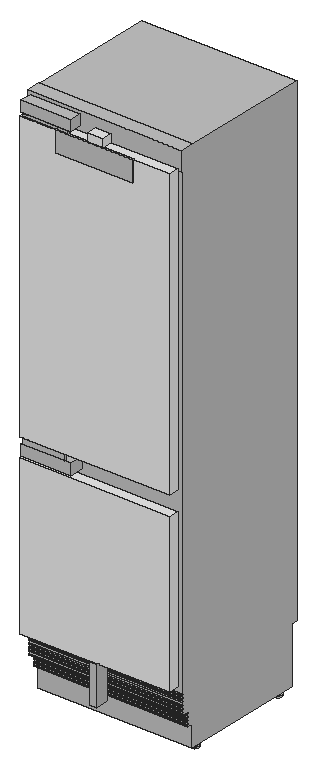
Revit family "FP-Revit18-RS6121WLUK1-FridgeFreezer-0-AS-AU-CN-EU-IE-NZ-SG-UK-90001107A", category Specialty Equipment, Revit 2020
Family settings
  Round Connector Dimension = Use Diameter
  Part Type = Normal
  OmniClass Number = 23.40.40.11.11
  OmniClass Title = Refrigerators and Freezers
  Work Plane-Based = No
  Always vertical = Yes
  Cut with Voids When Loaded = Yes
  Shared = No
  Room Calculation Point = No
Parameters (values of type "RS6121WLUE1")
  Visibility - Visibility Control Note = yes
  Visibility - Clearance Required = yes
  URL = "www.fisherpaykel.com"
  Stainless Steel Door Panels (RD6121WLD) = no
  Product - Width = 603 mm  # constant formula
  Product - Height = 2134 mm  # constant formula
  Product - Depth (exl front panel) = 610 mm  # constant formula
  Model = "RS6121WLUE1"
  Material - Handle = Fisher & Paykel - Aluminium, Dark
  Material - Door Structure = Fisher & Paykel - White
  Material - Door Front = Fisher & Paykel - Stainless Steel
  Material - Body = Fisher & Paykel - Grey
  Manufacturer = "Fisher & Paykel Appliances"
  Handle Style - Contemporary Square Fine Black (AHD5RD6121WB) = no
  Handle Style - Contemporary Square Fine (AHD5RD6121W) = no
  Handle Style - Contemporary Square (AHD3RD6121W) = no
  Handle Style - Contemporary Round (AHSRD6121W) = no
  Description = "61cm Integrated Column Refrigerator/Freezer with Ice & Water"
  Default Elevation = 0 mm
  Connector Description - Water = "1/2 BSP Stainless steel braided hose"
  Connector Description - Electrical = "230 V, 10 amp fused electrical supply"
  Cavity - Width = 610 mm  # constant formula
  Cavity - Height = 2134 mm  # constant formula
  Cavity - Depth = 650 mm  # constant formula
Reference planes
  plane 1 "Datum": y = 0
  plane 2: z = 0
  plane 3 "Center (Left/Right)": x = 0
  plane 4 "Product LHS": x = -301.5
  plane 5 "Product RHS": x = 301.5
  plane 6 "Product - Depth": y = 610
  plane 7: x = -305
  plane 8: x = 305
  plane 9 "Cavity - Depth": y = 627.9
  plane 10 "Handle Offset": x = 238.5
  plane 11 "Product Height": z = 2134
  plane 12 "Cavity Height": z = 2134
  plane 13 "Door Panel Datum": y = -4.1
Forms (mm)
  Extrusion 1, solid, material "Fisher & Paykel - Grey" <- "Material - Body", detail levels fine
    sketch origin (0, 0, 0) x (0, 1, 0) y (0, 0, 1)
      loop
        line (100.1, 19.1) -> (587.9, 19.1) -> (587.9, 239.7) -> (610, 239.7) -> (610, 2132.3) -> (105.1, 2132.3) -> (105.1, 2134) -> (49.9, 2134) -> (49.9, 2059) -> (56, 2059) -> (56, 228.6) -> (59.5, 228.6) -> (59.5, 219.7) -> (56.5, 219.7) -> (56.5, 215.9) -> (59.5, 215.9) -> (59.5, 207) -> (56.5, 207) -> (56.5, 203.2) -> (59.5, 203.2) -> (59.5, 194.3) -> (56.5, 194.3) -> (56.5, 190.5) -> (59.5, 190.5) -> (59.5, 181.6) -> (56.5, 181.6) -> (56.5, 177.8) -> (59.5, 177.8) -> (59.5, 168.9) -> (56.5, 168.9) -> (56.5, 165.1) -> (59.5, 165.1) -> (59.5, 156.2) -> (56.5, 156.2) -> (56.5, 152.4) -> (84.1, 152.4) -> (84.1, 143.5) -> (81.1, 143.5) -> (81.1, 139.7) -> (84.1, 139.7) -> (84.1, 130.8) -> (81.1, 130.8) -> (81.1, 127) -> (84.1, 127) -> (84.1, 118.1) -> (81.1, 118.1) -> (81.1, 114.3) -> (84.1, 114.3) -> (84.1, 105.4) -> (81.1, 105.4) -> (81.1, 101.6) -> (100.1, 101.6) -> (100.1, 19.1)
    from -301.5 to 301.5
  Extrusion 2, solid, material "Fisher & Paykel - Grey" <- "Material - Body"
    sketch origin (0, 0, 0) x (1, 0, 0) y (0, 1, 0)
      loop
        circle (-281, 547.8) r 4.1
      loop
        circle (-281, 141.8) r 4.1
      loop
        circle (281, 547.8) r 4.1
      loop
        circle (281, 141.8) r 4.1
    from 3 to 19.1
  Extrusion 3, solid, material "Fisher & Paykel - Grey" <- "Material - Body"
    sketch origin (0, 0, 0) x (1, 0, 0) y (0, 1, 0)
      loop
        circle (-281, 547.8) r 14.5
      loop
        circle (-281, 141.8) r 14.555
      loop
        circle (281, 547.8) r 14.5
      loop
        circle (281, 141.8) r 14.555
    from 0 to 3
  Extrusion 4, solid, material "Fisher & Paykel - Grey" <- "Material - Body", detail levels fine
    sketch origin (0, 0, 0) x (1, 0, 0) y (0, 1, 0)
      loop
        line (-7.5, 49) -> (-13.797, -4.1) -> (13.797, -4.1) -> (7.5, 49) -> (-7.5, 49)
    from 104.2 to 253.8
  Extrusion 5, solid, material "Fisher & Paykel - Grey" <- "Material - Body", detail levels fine
    sketch origin (0, 0, 0) x (0, 1, 0) y (0, 0, 1)
      loop
        line (0, 2070.6) -> (0, 1988.6) -> (2, 1988.6) -> (2, 2068.6) -> (4, 2068.6) -> (4, 2070.6) -> (0, 2070.6)
    from -150 to 150
  Extrusion 6, solid, material "Fisher & Paykel - Grey" <- "Material - Body"
    sketch origin (0, 0, 0) x (1, 0, 0) y (0, 0, 1)
      loop
        circle (226.5, 119.813) r 5
      loop
        circle (-226.5, 119.813) r 5
    from -590 to -587.9
  Extrusion 7, solid, material "Fisher & Paykel - White" <- "Material - Door Structure"
    sketch origin (0, 0, 0) x (1, 0, 0) y (0, 1, 0)
      loop
        line (-276.5, 56) -> (-276.5, 42) -> (276.5, 42) -> (276.5, 56) -> (-276.5, 56)
    from 951.3 to 2030.7
  Extrusion 8, solid, material "Fisher & Paykel - White" <- "Material - Door Structure"
    sketch origin (0, 0, 0) x (1, 0, 0) y (0, 1, 0)
      loop
        line (-292.9, 42) -> (-292.9, 3) -> (292.9, 3) -> (292.9, 42) -> (-292.9, 42)
    from 943.8 to 2068.6
  Extrusion 9, solid, material "Fisher & Paykel - White" <- "Material - Door Structure", detail levels fine
    sketch origin (0, 0, 0) x (1, 0, 0) y (0, 0, 1)
      loop
        line (-29.5, 2100.1) -> (-29.5, 2068.6) -> (29.5, 2068.6) -> (29.5, 2100.1) -> (-29.5, 2100.1)
    from -42 to -3
  Extrusion 10, solid, material "Fisher & Paykel - Stainless Steel" <- "Material - Door Front", visible <- "Stainless Steel Door Panels (RD6121WLD)"
    sketch origin (0, 0, 0) x (0, 1, 0) y (0, 0, 1)
      loop
        line (-22.1, 2130.8) -> (-22.1, 876.3) -> (-4.1, 876.3) -> (-4.1, 2130.8) -> (-22.1, 2130.8)
      loop
        line (-22.1, 102) -> (-4.1, 102) -> (-4.1, 873.1) -> (-22.1, 873.1) -> (-22.1, 102)
    from -301.5 to 301.5
  Extrusion 11, solid, material "Fisher & Paykel - Grey" <- "Material - Body", detail levels coarse+medium
    sketch origin (0, 0, 0) x (0, 1, 0) y (0, 0, 1)
      loop
        line (49.9, 2134) -> (49.9, 2059) -> (56, 2059) -> (56, 152.4) -> (81.1, 152.4) -> (81.1, 101.6) -> (100.1, 101.6) -> (100.1, 19.1) -> (587.9, 19.1) -> (587.9, 239.7) -> (610, 239.7) -> (610, 2134) -> (49.9, 2134)
    from -301.5 to 301.5
  Extrusion 12, solid, material "Fisher & Paykel - Grey" <- "Material - Body", detail levels fine
    sketch origin (0, 0, 0) x (-1, 0, 0) y (0, 0, -1)
      loop
        line (289.9, -877.25) -> (95.42, -877.25) -> (95.42, -919.35) -> (289.9, -919.35) -> (289.9, -877.25)
    from -56 to -2.5
  Extrusion 13, solid, material "Fisher & Paykel - Grey" <- "Material - Body", detail levels fine
    sketch origin (0, 0, 0) x (-1, 0, 0) y (0, 0, -1)
      loop
        line (289.9, -2123.15) -> (289.9, -2081.05) -> (95.42, -2081.05) -> (95.42, -2123.15) -> (289.9, -2123.15)
    from -49 to -2.5
  Extrusion 14, solid, material "Fisher & Paykel - Grey" <- "Material - Body", detail levels fine
    sketch origin (0, 0, -4) x (0, 1, 0) y (0, 0, 1)
      loop
        arc (163.888, 23.1) -> (180.4, 13.63) -> (196.912, 23.1) r 19.13
        line (196.912, 23.1) -> (163.888, 23.1)
      loop
        arc (493.888, 23.1) -> (510.4, 13.63) -> (526.912, 23.1) r 19.13
        line (526.912, 23.1) -> (493.888, 23.1)
    from 191 to 219
  Extrusion 15, solid, material "Fisher & Paykel - Grey" <- "Material - Body", detail levels fine
    sketch origin (0, 0, -4) x (0, 1, 0) y (0, 0, -1)
      loop
        line (163.888, -23.1) -> (196.912, -23.1)
        arc (196.912, -23.1) -> (180.4, -13.63) -> (163.888, -23.1) r 19.13
      loop
        line (493.888, -23.1) -> (526.912, -23.1)
        arc (526.912, -23.1) -> (510.4, -13.63) -> (493.888, -23.1) r 19.13
    from 191 to 219
  Extrusion 16, solid, material "Fisher & Paykel - Clearance Required", visible <- "Visibility - Clearance Required", detail levels coarse
    sketch origin (0, 0, 0) x (1, 0, 0) y (0, 1, 0)
      loop
        line (-305, 627.9) -> (-305, -4.1) -> (305, -4.1) -> (305, 627.9) -> (-305, 627.9)
    from 0 to 2134
  Extrusion 17, void
    sketch origin (0, 0, 0) x (1, 0, 0) y (0, 1, 0)
      loop
        line (-305, 627.9) -> (-305, -22.1) -> (305, -22.1) -> (305, 627.9) -> (-305, 627.9)
    from 0 to 2134
  Extrusion 18, solid, material "Fisher & Paykel - Grey" <- "Material - Body", detail levels fine
    sketch origin (0, 0, 0) x (-1, 0, 0) y (0, 0, -1)
      loop
        line (118.4, -943.8) -> (282.9, -943.8) -> (282.9, -919.35) -> (118.4, -919.35) -> (118.4, -943.8)
      loop
        line (106, -2081.05) -> (242.9, -2081.05) -> (282.9, -2076.05) -> (282.9, -2068.6) -> (106, -2068.6) -> (106, -2081.05)
    from -7 to -4
  Extrusion 19, solid, material "Fisher & Paykel - White" <- "Material - Door Structure"
    sketch origin (0, 0, 0) x (1, 0, 0) y (0, 1, 0)
      loop
        line (-292.9, 42) -> (-292.9, 3) -> (292.9, 3) -> (292.9, 42) -> (-292.9, 42)
    from 253.8 to 868.15
  Extrusion 20, solid, material "Fisher & Paykel - White" <- "Material - Door Structure"
    sketch origin (0, 0, 0) x (1, 0, 0) y (0, 1, 0)
      loop
        line (-276.5, 56) -> (-276.5, 42) -> (276.5, 42) -> (276.5, 56) -> (-276.5, 56)
    from 269.2 to 858.13
  Extrusion 21, solid, material "Fisher & Paykel - Clearance Required", visible <- "Visibility - Clearance Required", detail levels coarse
    sketch origin (0, 0, 0) x (0, 1, 0) y (0, 0, 1)
      loop
        line (-422.1, 873.1) -> (-422.1, 818.896) -> (-482.1, 818.896) -> (-482.1, 781.896) -> (-422.1, 781.896) -> (-422.1, 101.6) -> (-22.1, 101.6) -> (-22.1, 873.1) -> (-422.1, 873.1)
    from -305 to 305
  Extrusion 22, solid, material "Fisher & Paykel - Clearance Required", visible <- "Visibility - Clearance Required", detail levels coarse
    sketch origin (0, 0, 0) x (-1, 0, 0) y (0, -1, 0)
      loop
        arc (301.5, 22.1) -> (304.469, 57.05) -> (339.359, 60.653) r 27.5
        line (339.359, 60.653) -> (556.046, 526.865) -> (583.452, 514.085)
        arc (583.452, 514.085) -> (608.033, 523.032) -> (599.086, 547.613) r 18.497
        line (599.086, 547.613) -> (571.638, 560.412) -> (593.641, 607.752)
        arc (593.641, 607.752) -> (-14.693, 560.645) -> (-301.5, 22.1) r 633.927
        line (-301.5, 22.1) -> (301.5, 22.1)
    from 876.3 to 2134
Lines and regions (mm)
  model lines, style "Fisher & Paykel"
    curve 1: line (-301.5, -4.1, 2130.8) -> (301.5, -4.1, 2130.8)
    curve 2: line (-301.5, -4.1, 876.3) -> (-301.5, -4.1, 2130.8)
    curve 3: line (301.5, -4.1, 876.3) -> (-301.5, -4.1, 876.3)
    curve 4: line (301.5, -4.1, 2130.8) -> (301.5, -4.1, 876.3)
    curve 5: line (301.5, -4.1, 873.1) -> (-301.5, -4.1, 873.1)
    curve 6: line (301.5, -4.1, 102) -> (301.5, -4.1, 873.1)
    curve 7: line (-301.5, -4.1, 102) -> (301.5, -4.1, 102)
    curve 8: line (-301.5, -4.1, 873.1) -> (-301.5, -4.1, 102)
Text (mm)
  text "Due to ongoing product development, product details are subject to change without notice. \nPlease always refer to www.fisherpaykel.com for the most current product information. \n© Fisher & Paykel 2020" at (41.04, -678.295, 0), in view "Ref. Level (Plan)"
Dimensions and locks
  equal spacing: plane 4 "Product LHS", plane 3 "Center (Left/Right)", plane 5 "Product RHS"
  "Product - Width": plane 4 "Product LHS" to plane 5 "Product RHS"
  "Product - Depth (exl front panel)": plane 1 "Datum" to plane 6 "Product - Depth"
  equal spacing: plane 7, plane 3 "Center (Left/Right)", plane 8
  "Cavity - Width": plane 7 to plane 8
  plane 4 "Product LHS" to Extrusion 2 sketch curve = 24.6 mm
  Extrusion 6 sketch curve to Extrusion 1 = 119.887 mm  (x2)
  Extrusion 6 sketch curve to plane 5 "Product RHS" = 75 mm
  plane 4 "Product LHS" to Extrusion 6 sketch curve = 75 mm
  Extrusion 1 sketch curve to Extrusion 1 sketch curve = 82.5 mm
  Extrusion 1 sketch curve to Extrusion 1 sketch curve = 209.5 mm
  Extrusion 1 sketch curve to Extrusion 1 sketch curve = 220.6 mm
  Extrusion 3 to level = 3 mm
  Extrusion 11 to Extrusion 8 = 924.7 mm
  Extrusion 11 to Extrusion 7 = 932.2 mm
  Extrusion 11 to Extrusion 11 = 2114.9 mm
  Extrusion 11 to Extrusion 10 = 82.9 mm
  "Product - Height": level to plane 11 "Product Height"
  plane 11 "Product Height" to Extrusion 10 = 3.2 mm
  Extrusion 8 to plane 11 "Product Height" = 65.4 mm
  Extrusion 7 to plane 11 "Product Height" = 103.3 mm
  Extrusion 11 sketch curve to plane 11 "Product Height" = 75 mm
  Extrusion 1 sketch curve to plane 11 "Product Height" = 1.7 mm
  Extrusion 1 sketch curve to plane 11 "Product Height" = 75 mm
  "Cavity - Height": plane 12 "Cavity Height" to level
  plane 1 "Datum" to Extrusion 16 = 627.9 mm
  plane 1 "Datum" to Extrusion 17 = 627.9 mm
  Extrusion 18 sketch curve to Extrusion 18 sketch curve = 40 mm
  Extrusion 18 sketch curve to Extrusion 18 sketch curve = 176.9 mm
  plane 3 "Center (Left/Right)" to Extrusion 18 sketch curve = 106 mm
  plane 3 "Center (Left/Right)" to Extrusion 18 sketch curve = 118.4 mm
  Extrusion 17 to level = 2134 mm
  Extrusion 22 to plane 1 "Datum" = 22.1 mm
  "Cavity - Depth": plane 9 "Cavity - Depth" to Extrusion 22
  radius of Extrusion 6 sketch curve = 5 mm
  aligned and locked: level to plane 2
  aligned and locked: Extrusion 10 to plane 5 "Product RHS"
  aligned and locked: plane 4 "Product LHS" to Extrusion 10
  aligned and locked: Extrusion 11 to plane 5 "Product RHS"
  aligned and locked: Extrusion 11 to plane 4 "Product LHS"
  aligned and locked: Extrusion 11 sketch curve to plane 11 "Product Height"
  aligned and locked: plane 11 "Product Height" to Extrusion 1 sketch curve
  aligned and locked: Extrusion 14 sketch curve to Extrusion 14 sketch curve
  aligned and locked: Extrusion 15 sketch curve to Extrusion 15 sketch curve
  aligned and locked: Extrusion 1 to plane 5 "Product RHS"
  aligned and locked: plane 4 "Product LHS" to Extrusion 1
  aligned and locked: nested 2 to plane 10 "Handle Offset"
  aligned and locked: nested 3 to plane 10 "Handle Offset"
  aligned and locked: nested 4 to plane 10 "Handle Offset"
  aligned and locked: nested 5 to plane 10 "Handle Offset"
Automatic sketch dimensions
  Extrusion 1 sketch curve to plane 6 "Product - Depth" = 0 mm
  Extrusion 1 sketch curve to Extrusion 1 sketch curve = 22.1 mm
  Extrusion 1 sketch curve to plane 1 "Datum" = 105.1 mm
  level to Extrusion 1 sketch curve = 19.1 mm
  Extrusion 1 sketch curve to plane 1 "Datum" = 100.1 mm
  Extrusion 1 sketch curve to Extrusion 1 sketch curve = 16 mm
  Extrusion 1 sketch curve to Extrusion 1 sketch curve = 0 mm  (x8)
  Extrusion 1 sketch curve to Extrusion 1 sketch curve = 3 mm  (x10)
  Extrusion 1 sketch curve to plane 1 "Datum" = 59.5 mm
  Extrusion 1 sketch curve to plane 1 "Datum" = 56 mm
  Extrusion 1 sketch curve to plane 1 "Datum" = 49.9 mm
  Extrusion 1 sketch curve to Extrusion 1 sketch curve = 3.8 mm  (x10)
  Extrusion 1 sketch curve to Extrusion 1 sketch curve = 8.9 mm  (x9)
  Extrusion 2 sketch curve to plane 4 "Product LHS" = 20.5 mm  (x2)
  plane 5 "Product RHS" to Extrusion 2 sketch curve = 20.5 mm  (x2)
  Extrusion 2 sketch curve to plane 1 "Datum" = 141.8 mm  (x2)
  Extrusion 2 sketch curve to plane 6 "Product - Depth" = 62.2 mm  (x2)
  Extrusion 3 sketch curve to plane 4 "Product LHS" = 20.5 mm  (x2)
  plane 5 "Product RHS" to Extrusion 3 sketch curve = 20.5 mm  (x2)
  Extrusion 3 sketch curve to plane 1 "Datum" = 141.8 mm  (x2)
  Extrusion 3 sketch curve to plane 6 "Product - Depth" = 62.2 mm  (x2)
  plane 1 "Datum" to Extrusion 4 sketch curve = 4.1 mm
  Extrusion 4 sketch curve to plane 3 "Center (Left/Right)" = 13.797 mm
  Extrusion 4 sketch curve to plane 3 "Center (Left/Right)" = 7.5 mm
  plane 3 "Center (Left/Right)" to Extrusion 4 sketch curve = 7.5 mm
  plane 3 "Center (Left/Right)" to Extrusion 4 sketch curve = 13.797 mm
  Extrusion 4 sketch curve to plane 1 "Datum" = 49 mm
  Extrusion 5 sketch curve to plane 1 "Datum" = 0 mm
  Extrusion 5 sketch curve to plane 1 "Datum" = 2 mm
  Extrusion 5 sketch curve to Extrusion 5 sketch curve = 2 mm  (x2)
  plane 11 "Product Height" to Extrusion 5 sketch curve = 145.4 mm
  plane 11 "Product Height" to Extrusion 5 sketch curve = 65.4 mm
  Extrusion 7 sketch curve to plane 4 "Product LHS" = 25 mm
  plane 5 "Product RHS" to Extrusion 7 sketch curve = 25 mm
  Extrusion 7 sketch curve to plane 1 "Datum" = 42 mm
  Extrusion 7 sketch curve to Extrusion 7 sketch curve = 14 mm
  Extrusion 8 sketch curve to plane 1 "Datum" = 3 mm
  Extrusion 8 sketch curve to plane 4 "Product LHS" = 8.6 mm
  plane 5 "Product RHS" to Extrusion 8 sketch curve = 8.6 mm
  Extrusion 8 sketch curve to Extrusion 8 sketch curve = 39 mm
  Extrusion 9 sketch curve to plane 3 "Center (Left/Right)" = 29.5 mm
  plane 3 "Center (Left/Right)" to Extrusion 9 sketch curve = 29.5 mm
  plane 11 "Product Height" to Extrusion 9 sketch curve = 65.4 mm
  Extrusion 9 sketch curve to Extrusion 9 sketch curve = 31.5 mm
  Extrusion 11 sketch curve to plane 6 "Product - Depth" = 0 mm
  Extrusion 11 sketch curve to plane 6 "Product - Depth" = 22.1 mm
  Extrusion 11 sketch curve to plane 1 "Datum" = 100.1 mm
  Extrusion 11 sketch curve to Extrusion 11 sketch curve = 19 mm
  Extrusion 11 sketch curve to plane 1 "Datum" = 56 mm
  Extrusion 11 sketch curve to plane 1 "Datum" = 49.9 mm
  level to Extrusion 11 sketch curve = 239.7 mm
  level to Extrusion 11 sketch curve = 152.4 mm
  Extrusion 11 sketch curve to Extrusion 11 sketch curve = 50.8 mm
  level to Extrusion 11 sketch curve = 19.1 mm
  plane 3 "Center (Left/Right)" to Extrusion 12 sketch curve = 95.42 mm
  plane 4 "Product LHS" to Extrusion 12 sketch curve = 11.6 mm
  Extrusion 12 sketch curve to level = 877.25 mm
  Extrusion 12 sketch curve to Extrusion 12 sketch curve = 42.1 mm
  Extrusion 13 sketch curve to plane 11 "Product Height" = 10.85 mm
  plane 3 "Center (Left/Right)" to Extrusion 13 sketch curve = 95.42 mm
  plane 4 "Product LHS" to Extrusion 13 sketch curve = 11.6 mm
  Extrusion 13 sketch curve to Extrusion 13 sketch curve = 42.1 mm
  level to Extrusion 14 sketch curve = 19.1 mm
  Extrusion 14 sketch curve to plane 1 "Datum" = 163.888 mm
  Extrusion 14 sketch curve to Extrusion 14 sketch curve = 16.512 mm  (x2)
  Extrusion 14 sketch curve to plane 6 "Product - Depth" = 116.112 mm
  Extrusion 14 sketch curve to Extrusion 14 sketch curve = 9.66 mm  (x2)
  level to Extrusion 15 sketch curve = 19.1 mm
  Extrusion 15 sketch curve to plane 1 "Datum" = 163.888 mm
  Extrusion 15 sketch curve to Extrusion 15 sketch curve = 16.512 mm  (x2)
  Extrusion 15 sketch curve to plane 6 "Product - Depth" = 116.112 mm
  Extrusion 15 sketch curve to Extrusion 15 sketch curve = 9.66 mm  (x2)
  Extrusion 16 sketch curve to plane 7 = 0 mm
  Extrusion 16 sketch curve to plane 8 = 0 mm
  Extrusion 16 sketch curve to plane 9 "Cavity - Depth" = 0 mm
  plane 1 "Datum" to Extrusion 16 sketch curve = 4.1 mm
  Extrusion 17 sketch curve to plane 7 = 0 mm
  Extrusion 17 sketch curve to plane 8 = 0 mm
  Extrusion 17 sketch curve to plane 9 "Cavity - Depth" = 0 mm
  plane 1 "Datum" to Extrusion 17 sketch curve = 22.1 mm
  plane 4 "Product LHS" to Extrusion 18 sketch curve = 18.6 mm
  Extrusion 18 sketch curve to level = 919.35 mm
  Extrusion 18 sketch curve to Extrusion 18 sketch curve = 24.45 mm
  Extrusion 18 sketch curve to plane 11 "Product Height" = 65.4 mm
  Extrusion 18 sketch curve to Extrusion 18 sketch curve = 7.45 mm
  Extrusion 18 sketch curve to Extrusion 18 sketch curve = 5 mm
  Extrusion 19 sketch curve to plane 1 "Datum" = 3 mm
  Extrusion 19 sketch curve to plane 4 "Product LHS" = 8.6 mm
  plane 5 "Product RHS" to Extrusion 19 sketch curve = 8.6 mm
  Extrusion 19 sketch curve to Extrusion 19 sketch curve = 39 mm
  Extrusion 20 sketch curve to plane 4 "Product LHS" = 25 mm
  plane 5 "Product RHS" to Extrusion 20 sketch curve = 25 mm
  Extrusion 20 sketch curve to plane 1 "Datum" = 42 mm
  Extrusion 20 sketch curve to Extrusion 20 sketch curve = 14 mm
  plane 1 "Datum" to Extrusion 21 sketch curve = 482.1 mm
  Extrusion 21 sketch curve to Extrusion 21 sketch curve = 60 mm
  Extrusion 21 sketch curve to Extrusion 21 sketch curve = 0 mm
  plane 1 "Datum" to Extrusion 21 sketch curve = 22.1 mm
  level to Extrusion 21 sketch curve = 101.6 mm
  Extrusion 21 sketch curve to Extrusion 21 sketch curve = 680.296 mm
  Extrusion 21 sketch curve to Extrusion 21 sketch curve = 37 mm
  Extrusion 21 sketch curve to Extrusion 21 sketch curve = 54.204 mm
  Extrusion 22 sketch curve to plane 5 "Product RHS" = 0 mm
  Extrusion 22 sketch curve to plane 4 "Product LHS" = 0 mm
  Extrusion 22 sketch curve to plane 7 = 19.09 mm
  Extrusion 22 sketch curve to Extrusion 22 sketch curve = 8.286 mm
  Extrusion 22 sketch curve to Extrusion 22 sketch curve = 15.269 mm
  Extrusion 22 sketch curve to plane 7 = 251.046 mm
  Extrusion 22 sketch curve to Extrusion 22 sketch curve = 15.592 mm
  Extrusion 22 sketch curve to Extrusion 22 sketch curve = 27.406 mm
  Extrusion 22 sketch curve to Extrusion 22 sketch curve = 7.817 mm  (x2)
  Extrusion 22 sketch curve to Extrusion 22 sketch curve = 22.003 mm
  Extrusion 22 sketch curve to plane 1 "Datum" = 607.752 mm
  Extrusion 22 sketch curve to Extrusion 22 sketch curve = 47.34 mm
  Extrusion 22 sketch curve to Extrusion 22 sketch curve = 12.799 mm
  Extrusion 22 sketch curve to Extrusion 22 sketch curve = 16.764 mm
  Extrusion 22 sketch curve to Extrusion 22 sketch curve = 12.78 mm
  Extrusion 22 sketch curve to plane 1 "Datum" = 60.653 mm
  Extrusion 22 sketch curve to Extrusion 22 sketch curve = 22.871 mm
  plane 1 "Datum" to Extrusion 10 sketch curve = 22.1 mm
  plane 1 "Datum" to Extrusion 10 sketch curve = 4.1 mm
  level to Extrusion 10 sketch curve = 102 mm
  plane 11 "Product Height" to Extrusion 10 sketch curve = 3.2 mm
  Extrusion 10 sketch curve to Extrusion 10 sketch curve = 3.2 mm
  Extrusion 10 sketch curve to Extrusion 10 sketch curve = 771.1 mm
  Extrusion 10 sketch curve to Extrusion 10 sketch curve = 0 mm  (x2)
  plane 5 "Product RHS" to curve 5 = 0 mm
  plane 5 "Product RHS" to curve 1 = 0 mm
  plane 4 "Product LHS" to curve 5 = 0 mm
  plane 4 "Product LHS" to curve 2 = 0 mm
  level to curve 6 = 102 mm
  curve 6 to curve 6 = 771.1 mm
  curve 5 to curve 2 = 3.2 mm
  plane 11 "Product Height" to curve 2 = 3.2 mm
  radius of Extrusion 2 sketch curve = 4.1 mm  (x3)
  radius of Extrusion 3 sketch curve = 14.5 mm  (x2)
  radius of Extrusion 3 sketch curve = 14.555 mm  (x2)
  radius of Extrusion 6 sketch curve = 5 mm
Nested families
  nested 1: "Visibility Control Note 18" at (0, 0, 0), visible <- "Visibility - Visibility Control Note", type "Visibility Control Note 18"
  nested 2: "Handle Contemporary Round - Vertical" at (238.5, -22.1, 1322.58), visible <- "Handle Style - Contemporary Round (AHSRD6121W)", type "AHSRD6121W - Contemporary round handle (1 of 2) (Vertical) 727mm"
  nested 3: "Handle Contemporary Square - Vertical" at (238.5, -22.1, 1322.58), visible <- "Handle Style - Contemporary Square (AHD3RD6121W)", type "AHD3RD6121W - Contemporary square handle (1 of 2) (Vertical) 727mm"
  nested 4: "F&P Handle Kit - Contemporary Square Fine - Vertical" at (238.5, -22.1, 1322.58), visible <- "Handle Style - Contemporary Square Fine Black (AHD5RD6121WB)", type "AHD5RD6121WB - Contemporary square fine black handle (1 of 2) (Vertical) 727mm"
  nested 5: "F&P Handle Kit - Contemporary Square Fine - Vertical" at (238.5, -22.1, 1322.58), visible <- "Handle Style - Contemporary Square Fine (AHD5RD6121W)", type "AHD5RD6121W - Contemporary square fine handle (1 of 2) (Vertical) 727mm"
  nested 6: "Handle Contemporary Round - Horizontal" at (0, -22.1, 800.364), visible <- "Handle Style - Contemporary Round (AHSRD6121W)", type "AHSRD6121W - Contemporary round handle (2 of 2) (Horizontal) 494mm"
  nested 7: "Handle Contemporary Square - Horizontal" at (0, -22.1, 800.364), visible <- "Handle Style - Contemporary Square (AHD3RD6121W)", type "AHD3RD6121W - Contemporary square handle (2 of 2) (Horizontal) 494mm"
  nested 8: "F&P Handle Kit - Contemporary Square Fine - Horizontal" at (0, -22.1, 800.364), visible <- "Handle Style - Contemporary Square Fine Black (AHD5RD6121WB)", type "AHD5RD6121WB - Contemporary square fine handle black (2 of 2) (Horizontal) 494mm"
  nested 9: "F&P Handle Kit - Contemporary Square Fine - Horizontal" at (0, -22.1, 800.364), visible <- "Handle Style - Contemporary Square Fine (AHD5RD6121W)", type "AHD5RD6121W - Contemporary square fine handle (2 of 2) (Horizontal) 494mm"
Connectors
  electrical at (-226.5, 590, 119.813), driven by "Connector Description - Electrical"
    settings: on Extrusion 6, index 1, voltage 230 V, apparent load 0 VA, apparent load phase1 0 VA, apparent load phase2 0 VA, apparent load phase3 0 VA, power factor 1, load classification "Other", number of poles 1, system type 30, power factor state 1, is connector primary yes, connector utility no, sub classification motor no, connector description "230 V, 10 amp fused electrical supply"
  piping at (226.5, 590, 119.813), diameter 12.7, driven by "Connector Description - Water"
    settings: on Extrusion 6, index 2, connector inside diameter 609.6 mm, connector length 0 mm, flow factor 0, pipe flow 0.0 L/s, pressure drop 0.0 Pa, fitting loss kfactor 0, connector angle 0.00°, fixture units 0, engagement length 0 mm, angle of deflection 0.00°, flow configuration 0, flow direction 1, fitting loss method 0, system type 20, joint type 0, gender type 0, connector reference index -1, connector utility 1, adjustable connector no, is connector primary yes, connector description "1/2 BSP Stainless steel braided hose"
Definition of nested family "Handle Contemporary Round - Vertical"
  Parameters (values of type "AHSRD7621W - Contemporary round handle (1 of 2) (Vertical) 727mm")
    URL = "www.fisherpaykel.com"
    Material - Handle = none
    Manufacturer = "Fisher & Paykel Appliances"
    Handle - Length = 727 mm
    Default Elevation = 0 mm
  Types (8, lengths in mm): name | Handle - Length
    AHS-RD21 - Contemporary round handle (Vertical) 852mm | 852
    AHSRD2484W - Contemporary round handle (1 of 2) (Vertical) 727mm | 727
    AHSRD3084W - Contemporary round handle (1 of 2) (Vertical) 727mm | 727
    AHS-RD84 - Contemporary round handle (Vertical) 852mm | 852
    AHSRS3272A - Contemporary round handle (1 of 2) (Vertical) 727mm | 727
    AHSRS80A - Contemporary round handle (1 of 2) (Vertical) 727mm | 727
    AHSRD6121W - Contemporary round handle (1 of 2) (Vertical) 727mm | 727
    AHSRD7621W - Contemporary round handle (1 of 2) (Vertical) 727mm | 727
  Reference planes
    plane 1 "Center (Front/Back)": y = 0
    plane 2: z = 0
    plane 3 "Center (Left/Right)": x = 0
    plane 4 "Top": z = 363.5
    plane 5 "Bottom": z = -363.5
    plane 6 "Top Standoff": z = 243.5
    plane 7 "Bottom Standoff": z = -243.5
  Forms (mm)
    Extrusion 1, solid, material <- "Material - Handle"
      sketch origin (0, 0, 0) x (1, 0, 0) y (0, 1, 0)
        loop
          circle (0, -32.3) r 8.7
      from -243.5 to 243.5
    Extrusion 2, solid, material <- "Material - Handle", detail levels fine
      sketch origin (0, 0, 0) x (1, 0, 0) y (0, 1, 0)
        loop
          line (-8.7, 0) -> (-8.7, -32.3)
          arc (-8.7, -32.3) -> (0, -41) -> (8.7, -32.3) r 8.7
          line (8.7, -32.3) -> (8.7, 0) -> (-8.7, 0)
      from 243.5 to 363.5
    Extrusion 3, solid, material <- "Material - Handle", detail levels fine
      sketch origin (0, 0, 0) x (1, 0, 0) y (0, 1, 0)
        loop
          line (-8.7, 0) -> (-8.7, -32.3)
          arc (-8.7, -32.3) -> (0, -41) -> (8.7, -32.3) r 8.7
          line (8.7, -32.3) -> (8.7, 0) -> (-8.7, 0)
      from -363.5 to -243.5
    Sweep 4, void
      path in 3D
        loop
          line (8.7, 0, -363.5) -> (8.7, -32.3, -363.5)
          arc (8.7, -32.3, -363.5) -> (0, -41, -363.5) -> (-8.7, -32.3, -363.5) r 8.7
          line (-8.7, -32.3, -363.5) -> (-8.7, 0, -363.5)
      profile origin (8.7, -16.15, -363.5) x (-1, 0, 0) y (0, 0, -1)
        loop
          line (0, 0) -> (0, -1) -> (1, 0) -> (0, 0)
    Sweep 5, void
      path in 3D
        loop
          line (-8.7, 0, 363.5) -> (-8.7, -32.3, 363.5)
          arc (-8.7, -32.3, 363.5) -> (0, -41, 363.5) -> (8.7, -32.3, 363.5) r 8.7
          line (8.7, -32.3, 363.5) -> (8.7, 0, 363.5)
      profile origin (8.7, -16.15, 363.5) x (-1, 0, 0) y (0, 0, 1)
        loop
          line (0, 0) -> (0, -1) -> (1, 0) -> (0, 0)
    Extrusion 6, solid, material <- "Material - Handle", detail levels coarse+medium
      sketch origin (0, 0, 0) x (1, 0, 0) y (0, 1, 0)
        loop
          line (-8.7, 0) -> (-8.7, -32.3)
          arc (-8.7, -32.3) -> (0, -41) -> (8.7, -32.3) r 8.7
          line (8.7, -32.3) -> (8.7, 0) -> (-8.7, 0)
      from 243.5 to 363.5
    Extrusion 7, solid, material <- "Material - Handle", detail levels coarse+medium
      sketch origin (0, 0, 0) x (1, 0, 0) y (0, 1, 0)
        loop
          line (-8.7, 0) -> (-8.7, -32.3)
          arc (-8.7, -32.3) -> (0, -41) -> (8.7, -32.3) r 8.7
          line (8.7, -32.3) -> (8.7, 0) -> (-8.7, 0)
      from -363.5 to -243.5
  Cuts and joins
    Sweep 4 cuts Extrusion 3
    Sweep 5 cuts Extrusion 2
  Lines and regions (mm)
    sketch lines
      curve 1: line (8.7, 0, -363.5) -> (8.7, -32.3, -363.5)
      curve 2: arc (-8.7, -32.3, -363.5) -> (0, -41, -363.5) -> (8.7, -32.3, -363.5) r 8.7
      curve 3: line (-8.7, -32.3, -363.5) -> (-8.7, 0, -363.5)
      curve 4: line (8.7, -32.3, 363.5) -> (8.7, 0, 363.5)
      curve 5: arc (8.7, -32.3, 363.5) -> (0, -41, 363.5) -> (-8.7, -32.3, 363.5) r 8.7
      curve 6: line (-8.7, 0, 363.5) -> (-8.7, -32.3, 363.5)
  Dimensions and locks
    equal spacing: plane 4 "Top", level, plane 5 "Bottom"
    "Handle - Length": plane 4 "Top" to plane 5 "Bottom"
    locked: plane 4 "Top" to plane 6 "Top Standoff" at 120
    locked: plane 7 "Bottom Standoff" to plane 5 "Bottom" at 120
    Extrusion 2 sketch curve to Extrusion 2 sketch curve = 17.4 mm
    Extrusion 3 sketch curve to Extrusion 3 sketch curve = 17.4 mm
    Extrusion 6 sketch curve to Extrusion 6 sketch curve = 17.4 mm
    Extrusion 7 sketch curve to Extrusion 7 sketch curve = 17.4 mm
    aligned and locked: level to plane 2
    aligned and locked: plane 4 "Top" to Extrusion 2
    aligned and locked: Extrusion 3 to plane 5 "Bottom"
    aligned and locked: plane 7 "Bottom Standoff" to Extrusion 3
    aligned and locked: Extrusion 1 to plane 7 "Bottom Standoff"
    aligned and locked: plane 6 "Top Standoff" to Extrusion 1
    aligned and locked: Extrusion 2 to Extrusion 1
    aligned and locked: Extrusion 6 to Extrusion 1
    aligned and locked: plane 4 "Top" to Extrusion 6
    aligned and locked: Extrusion 7 to Extrusion 1
    aligned and locked: Extrusion 7 to plane 5 "Bottom"
  Automatic sketch dimensions
    Extrusion 1 sketch curve to plane 3 "Center (Left/Right)" = 0 mm
    plane 1 "Center (Front/Back)" to Extrusion 1 sketch curve = 32.3 mm
    plane 1 "Center (Front/Back)" to Extrusion 2 sketch curve = 0 mm
    Extrusion 2 sketch curve to plane 3 "Center (Left/Right)" = 0 mm
    Extrusion 2 sketch curve to plane 3 "Center (Left/Right)" = 8.7 mm
    plane 1 "Center (Front/Back)" to Extrusion 2 sketch curve = 32.3 mm
    plane 1 "Center (Front/Back)" to Extrusion 3 sketch curve = 0 mm
    Extrusion 3 sketch curve to plane 3 "Center (Left/Right)" = 0 mm
    Extrusion 3 sketch curve to plane 3 "Center (Left/Right)" = 8.7 mm
    plane 1 "Center (Front/Back)" to Extrusion 3 sketch curve = 32.3 mm
    Sweep 4 sketch curve to profile plane = 0 mm  (x2)
    Sweep 4 sketch curve to profile plane = 1 mm  (x2)
    Sweep 5 sketch curve to profile plane = 0 mm  (x2)
    Sweep 5 sketch curve to profile plane = 1 mm  (x2)
    Extrusion 6 sketch curve to plane 3 "Center (Left/Right)" = 0 mm
    Extrusion 6 sketch curve to plane 3 "Center (Left/Right)" = 8.7 mm
    plane 1 "Center (Front/Back)" to Extrusion 6 sketch curve = 32.3 mm
    Extrusion 6 sketch curve to Extrusion 6 sketch curve = 32.3 mm
    Extrusion 7 sketch curve to plane 3 "Center (Left/Right)" = 0 mm
    Extrusion 7 sketch curve to plane 3 "Center (Left/Right)" = 8.7 mm
    plane 1 "Center (Front/Back)" to Extrusion 7 sketch curve = 32.3 mm
    Extrusion 7 sketch curve to Extrusion 7 sketch curve = 32.3 mm
    radius of Extrusion 1 sketch curve = 8.7 mm
Definition of nested family "Handle Contemporary Square - Vertical"
  Parameters (values of type "AHD3RD6121W - Contemporary square handle (1 of 2) (Vertical) 727mm")
    URL = "www.fisherpaykel.com"
    Material - Handle = none
    Manufacturer = "Fisher & Paykel Appliances"
    Handle - Length = 727 mm
    Default Elevation = 0 mm
  Types (9, lengths in mm): name | Handle - Length
    (no name) | 727
    AHD3-RD21 - Contemporary square handle (Vertical) 852mm | 852
    AHD3RD2484W - Contemporary square handle (1 of 2) (Vertical) 727mm | 727
    AHD3RD3084W - Contemporary square handle (1 of 2) (Vertical) 727mm | 727
    AHD3-RD84 - Contemporary square handle (Vertical) 852mm | 852
    AHD3RS3272A - Contemporary square handle (1 of 2) (Vertical) 727mm | 727
    AHD3RS80A - Contemporary square handle (1 of 2) (Vertical) 727mm | 727
    AHD3RD6121W - Contemporary square handle (1 of 2) (Vertical) 727mm | 727
    AHD3RD7621W - Contemporary square handle (1 of 2) (Vertical) 727mm | 727
  Reference planes
    plane 1 "Center (Front/Back)": y = 0
    plane 2: z = 0
    plane 3 "Center (Left/Right)": x = 0
    plane 4 "Top": z = 363.5
    plane 5 "Bottom": z = -363.5
    plane 6 "Top Standoff": z = 243.5
    plane 7 "Bottom Standoff": z = -243.5
  Forms (mm)
    Extrusion 1, solid, material <- "Material - Handle", detail levels fine
      sketch origin (0, 0, 0) x (1, 0, 0) y (0, 1, 0)
        loop
          arc (-7.583, -28.701) -> (-7.89, -29.057) -> (-8, -29.514) r 1
          line (-8, -29.514) -> (-8, -40.5)
          arc (-8, -40.5) -> (-7.561, -41.561) -> (-6.5, -42) r 1.5
          line (-6.5, -42) -> (6.5, -42)
          arc (6.5, -42) -> (7.561, -41.561) -> (8, -40.5) r 1.5
          line (8, -40.5) -> (8, -29.487)
          arc (8, -29.487) -> (7.889, -29.029) -> (7.58, -28.673) r 1
          arc (7.58, -28.673) -> (-0.006, -26.256) -> (-7.583, -28.701) r 13.038
      from -363.5 to 363.5
    Extrusion 2, solid, material <- "Material - Handle", detail levels fine
      sketch origin (0, 0, 0) x (1, 0, 0) y (0, 1, 0)
        loop
          arc (7.058, -28.23) -> (7.466, -28.244) -> (7.674, -27.893) r 0.4
          line (7.674, -27.893) -> (7.674, 0) -> (-7.674, 0) -> (-7.674, -27.86)
          arc (-7.674, -27.86) -> (-7.467, -28.21) -> (-7.06, -28.198) r 0.4
          arc (-7.06, -28.198) -> (0.004, -26.156) -> (7.058, -28.23) r 13.136
      from 243.5 to 363.5
    Extrusion 3, solid, material <- "Material - Handle", detail levels fine
      sketch origin (0, 0, 0) x (1, 0, 0) y (0, 1, 0)
        loop
          arc (7.058, -28.23) -> (7.466, -28.244) -> (7.674, -27.893) r 0.4
          line (7.674, -27.893) -> (7.674, 0) -> (-7.674, 0) -> (-7.674, -27.86)
          arc (-7.674, -27.86) -> (-7.467, -28.21) -> (-7.06, -28.198) r 0.4
          arc (-7.06, -28.198) -> (0.004, -26.156) -> (7.058, -28.23) r 13.136
      from -363.5 to -243.5
    Sweep 4, void
      path in 3D
        loop
          line (-8, -29.514, 363.5) -> (-8, -40.5, 363.5)
          arc (-8, -40.5, 363.5) -> (-7.561, -41.561, 363.5) -> (-6.5, -42, 363.5) r 1.5
          line (-6.5, -42, 363.5) -> (6.5, -42, 363.5)
          arc (6.5, -42, 363.5) -> (7.561, -41.561, 363.5) -> (8, -40.5, 363.5) r 1.5
          line (8, -40.5, 363.5) -> (8, -29.487, 363.5)
      profile origin (8, -34.994, 363.5) x (-1, 0, 0) y (0, 0, 1)
        loop
          line (0, 0) -> (0, -1.3) -> (1.3, 0) -> (0, 0)
    Sweep 5, void
      path in 3D
        loop
          line (8, -29.487, -363.5) -> (8, -40.5, -363.5)
          arc (8, -40.5, -363.5) -> (7.561, -41.561, -363.5) -> (6.5, -42, -363.5) r 1.5
          line (6.5, -42, -363.5) -> (-6.5, -42, -363.5)
          arc (-6.5, -42, -363.5) -> (-7.561, -41.561, -363.5) -> (-8, -40.5, -363.5) r 1.5
          line (-8, -40.5, -363.5) -> (-8, -29.514, -363.5)
      profile origin (8, -34.994, -363.5) x (-1, 0, 0) y (0, 0, -1)
        loop
          line (0, 0) -> (0, -1.3) -> (1.3, 0) -> (0, 0)
    Extrusion 6, void
      sketch origin (0, 0, 0) x (1, 0, 0) y (0, 0, 1)
        loop
          line (-8, -362.2) -> (-8, -363.5) -> (-6.7, -363.5) -> (-8, -362.2)
        loop
          line (8, -362.2) -> (6.7, -363.5) -> (8, -363.5) -> (8, -362.2)
      from 0 to 40
    Extrusion 7, void
      sketch origin (0, 0, 0) x (1, 0, 0) y (0, 0, 1)
        loop
          line (-8, 363.5) -> (-8, 362.2) -> (-6.7, 363.5) -> (-8, 363.5)
        loop
          line (8, 363.5) -> (6.7, 363.5) -> (8, 362.2) -> (8, 363.5)
      from 0 to 40
    Extrusion 8, solid, material <- "Material - Handle", detail levels coarse+medium
      sketch origin (0, 0, 0) x (0, 1, 0) y (0, 0, 1)
        loop
          line (0, 363.5) -> (-42, 363.5) -> (-42, -363.5) -> (0, -363.5) -> (0, -243.5) -> (-26.245, -243.5) -> (-26.245, 243.5) -> (0, 243.5) -> (0, 363.5)
      from -8 to 8
  Cuts and joins
    Sweep 4, Sweep 5, Extrusion 6, Extrusion 7 cuts Extrusion 1
    Extrusion 6 cuts Extrusion 3
    Extrusion 7 cuts Extrusion 2
  Lines and regions (mm)
    sketch lines
      curve 1: line (8, -40.5, 363.5) -> (8, -29.487, 363.5)
      curve 2: arc (8, -40.5, 363.5) -> (7.561, -41.561, 363.5) -> (6.5, -42, 363.5) r 1.5
      curve 3: line (-6.5, -42, 363.5) -> (6.5, -42, 363.5)
      curve 4: arc (-6.5, -42, 363.5) -> (-7.561, -41.561, 363.5) -> (-8, -40.5, 363.5) r 1.5
      curve 5: line (-8, -29.514, 363.5) -> (-8, -40.5, 363.5)
      curve 6: line (8, -29.487, -363.5) -> (8, -40.5, -363.5)
      curve 7: arc (6.5, -42, -363.5) -> (7.561, -41.561, -363.5) -> (8, -40.5, -363.5) r 1.5
      curve 8: line (6.5, -42, -363.5) -> (-6.5, -42, -363.5)
      curve 9: arc (-8, -40.5, -363.5) -> (-7.561, -41.561, -363.5) -> (-6.5, -42, -363.5) r 1.5
      curve 10: line (-8, -40.5, -363.5) -> (-8, -29.514, -363.5)
  Dimensions and locks
    equal spacing: plane 4 "Top", level, plane 5 "Bottom"
    "Handle - Length": plane 4 "Top" to plane 5 "Bottom"
    locked: plane 4 "Top" to plane 6 "Top Standoff" at 120
    locked: plane 7 "Bottom Standoff" to plane 5 "Bottom" at 120
    aligned and locked: level to plane 2
    aligned and locked: plane 4 "Top" to Extrusion 2
    aligned and locked: Extrusion 2 to plane 6 "Top Standoff"
    aligned and locked: plane 4 "Top" to Extrusion 1
    aligned and locked: Extrusion 1 to plane 5 "Bottom"
    aligned and locked: Extrusion 3 to plane 5 "Bottom"
    aligned and locked: plane 7 "Bottom Standoff" to Extrusion 3
    aligned and locked: plane 4 "Top" to Extrusion 8 sketch curve
    aligned and locked: plane 6 "Top Standoff" to Extrusion 8 sketch curve
    aligned and locked: plane 7 "Bottom Standoff" to Extrusion 8 sketch curve
    aligned and locked: plane 5 "Bottom" to Extrusion 8 sketch curve
    aligned and locked: plane 1 "Center (Front/Back)" to Extrusion 8 sketch curve  (x2)
  Automatic sketch dimensions
    Extrusion 1 sketch curve to plane 3 "Center (Left/Right)" = 8 mm
    Extrusion 1 sketch curve to Extrusion 1 sketch curve = 1 mm  (x2)
    Extrusion 1 sketch curve to Extrusion 1 sketch curve = 1.5 mm
    plane 3 "Center (Left/Right)" to Extrusion 1 sketch curve = 0.018 mm
    plane 3 "Center (Left/Right)" to Extrusion 1 sketch curve = 6.5 mm
    plane 3 "Center (Left/Right)" to Extrusion 1 sketch curve = 7 mm
    plane 1 "Center (Front/Back)" to Extrusion 1 sketch curve = 42 mm
    Extrusion 1 sketch curve to Extrusion 1 sketch curve = 1.206 mm
    Extrusion 1 sketch curve to Extrusion 1 sketch curve = 10.986 mm
    Extrusion 1 sketch curve to Extrusion 1 sketch curve = 11.013 mm
    Extrusion 1 sketch curve to Extrusion 1 sketch curve = 0 mm
    plane 1 "Center (Front/Back)" to Extrusion 2 sketch curve = 0 mm
    Extrusion 2 sketch curve to plane 3 "Center (Left/Right)" = 7.674 mm
    Extrusion 2 sketch curve to Extrusion 2 sketch curve = 0.4 mm  (x2)
    Extrusion 2 sketch curve to plane 3 "Center (Left/Right)" = 0.026 mm
    plane 3 "Center (Left/Right)" to Extrusion 2 sketch curve = 7.274 mm
    plane 1 "Center (Front/Back)" to Extrusion 2 sketch curve = 27.86 mm
    Extrusion 2 sketch curve to Extrusion 2 sketch curve = 0.033 mm
    Extrusion 2 sketch curve to Extrusion 2 sketch curve = 11.398 mm
    Extrusion 2 sketch curve to Extrusion 2 sketch curve = 0 mm
    plane 1 "Center (Front/Back)" to Extrusion 3 sketch curve = 0 mm
    Extrusion 3 sketch curve to Extrusion 3 sketch curve = 0.4 mm  (x2)
    Extrusion 3 sketch curve to Extrusion 3 sketch curve = 7.248 mm
    Extrusion 3 sketch curve to Extrusion 3 sketch curve = 7.3 mm
    plane 1 "Center (Front/Back)" to Extrusion 3 sketch curve = 27.86 mm
    Extrusion 3 sketch curve to Extrusion 3 sketch curve = 0.033 mm
    Extrusion 3 sketch curve to Extrusion 3 sketch curve = 11.398 mm
    Extrusion 3 sketch curve to Extrusion 3 sketch curve = 0 mm
    Sweep 4 sketch curve to profile plane = 0 mm  (x2)
    Sweep 4 sketch curve to profile plane = 1.3 mm  (x2)
    Sweep 5 sketch curve to profile plane = 0 mm  (x2)
    Sweep 5 sketch curve to profile plane = 1.3 mm  (x2)
    Extrusion 6 sketch curve to plane 5 "Bottom" = 0 mm  (x2)
    plane 5 "Bottom" to Extrusion 6 sketch curve = 1.3 mm  (x2)
    Extrusion 6 sketch curve to plane 3 "Center (Left/Right)" = 8 mm
    Extrusion 6 sketch curve to Extrusion 6 sketch curve = 1.3 mm  (x2)
    plane 3 "Center (Left/Right)" to Extrusion 6 sketch curve = 8 mm
    Extrusion 7 sketch curve to plane 4 "Top" = 0 mm  (x2)
    Extrusion 7 sketch curve to plane 3 "Center (Left/Right)" = 8 mm
    Extrusion 7 sketch curve to Extrusion 7 sketch curve = 1.3 mm  (x2)
    plane 3 "Center (Left/Right)" to Extrusion 7 sketch curve = 8 mm
    Extrusion 7 sketch curve to plane 4 "Top" = 1.3 mm  (x2)
    plane 1 "Center (Front/Back)" to Extrusion 8 sketch curve = 26.245 mm
    plane 1 "Center (Front/Back)" to Extrusion 8 sketch curve = 42 mm
    Extrusion 3 sketch curve to plane 3 "Center (Left/Right)" = 7.674 mm
Definition of nested family "F&P Handle Kit - Contemporary Square Fine - Vertical"
  Parameters (values of type "AHD5RD90AB - Contemporary square fine black handle (1 of 2) (Vertical) 727mm")
    URL = "www.fisherpaykel.com"
    Material - Handle = none
    Manufacturer = "Fisher & Paykel Appliances"
    Handle - Length = 727 mm
    Default Elevation = 0 mm
  Types (14): name
    AHD5RD2484W - Contemporary square fine handle (1 of 2) (Vertical) 727mm
    AHD5RD2484WB - Contemporary square fine black handle (1 of 2) (Vertical) 727mm
    AHD5RD3084W - Contemporary square fine handle (1 of 2) (Vertical) 727mm
    AHD5RD3084WB - Contemporary square fine black handle (1 of 2) (Vertical) 727mm
    AHD5RD6121W - Contemporary square fine handle (1 of 2) (Vertical) 727mm
    AHD5RD6121WB - Contemporary square fine black handle (1 of 2) (Vertical) 727mm
    AHD5RD7621W - Contemporary square fine handle (1 of 2) (Vertical) 727mm
    AHD5RD7621WB - Contemporary square fine black handle (1 of 2) (Vertical) 727mm
    AHD5RD36A - Contemporary square fine handle (1 of 2) (Vertical) 727mm
    AHD5RD36AB - Contemporary square fine black handle (1 of 2) (Vertical) 727mm
    AHD5RD80A - Contemporary square fine handle (1 of 2) (Vertical) 727mm
    AHD5RD90A - Contemporary square fine handle (1 of 2) (Vertical) 727mm
    AHD5RD80AB - Contemporary square fine black handle (1 of 2) (Vertical) 727mm
    AHD5RD90AB - Contemporary square fine black handle (1 of 2) (Vertical) 727mm
  Reference planes
    plane 1 "Center (Front/Back)": y = 0
    plane 2: z = 0
    plane 3 "Center (Left/Right)": x = 0
    plane 4 "Top": z = 363.5
    plane 5 "Bottom": z = -363.5
    plane 6 "Top Standoff": z = 243.5
    plane 7 "Bottom Standoff": z = -243.5
  Forms (mm)
    Extrusion 1, solid, material <- "Material - Handle", detail levels fine
      sketch origin (0, 0, 0) x (1, 0, 0) y (0, 1, 0)
        loop
          arc (-6.16, -26.813) -> (-6.554, -27.196) -> (-6.686, -27.728) r 1
          line (-6.686, -27.728) -> (-6.256, -40.035)
          arc (-6.256, -40.035) -> (-5.951, -40.719) -> (-5.257, -41) r 1
          line (-5.257, -41) -> (5.257, -41)
          arc (5.257, -41) -> (5.951, -40.719) -> (6.256, -40.035) r 1
          line (6.256, -40.035) -> (6.686, -27.709)
          arc (6.686, -27.709) -> (6.554, -27.175) -> (6.158, -26.792) r 1
          arc (6.158, -26.792) -> (-0.004, -25.256) -> (-6.16, -26.813) r 13.038
      from -363.5 to 363.5
    Extrusion 2, solid, material <- "Material - Handle", detail levels fine
      sketch origin (0, 0, 0) x (1, 0, 0) y (0, 1, 0)
        loop
          arc (6.012, -26.626) -> (6.494, -26.614) -> (6.741, -26.2) r 0.5
          line (6.741, -26.2) -> (7.7, 0) -> (-7.7, 0) -> (-6.742, -26.174)
          arc (-6.742, -26.174) -> (-6.496, -26.587) -> (-6.015, -26.6) r 0.5
          arc (-6.015, -26.6) -> (0.002, -25.156) -> (6.012, -26.626) r 13.136
      from 243.5 to 363.5
    Extrusion 3, solid, material <- "Material - Handle", detail levels coarse+medium
      sketch origin (0, 0, 0) x (0, 1, 0) y (0, 0, 1)
        loop
          line (0, 363.5) -> (-42, 363.5) -> (-42, -363.5) -> (0, -363.5) -> (0, -243.5) -> (-26.245, -243.5) -> (-26.245, 243.5) -> (0, 243.5) -> (0, 363.5)
      from -8 to 8
    Extrusion 4, solid, material <- "Material - Handle", detail levels fine
      sketch origin (0, 0, 0) x (1, 0, 0) y (0, 1, 0)
        loop
          arc (6.012, -26.626) -> (6.494, -26.614) -> (6.741, -26.2) r 0.5
          line (6.741, -26.2) -> (7.7, 0) -> (-7.7, 0) -> (-6.742, -26.174)
          arc (-6.742, -26.174) -> (-6.496, -26.587) -> (-6.015, -26.6) r 0.5
          arc (-6.015, -26.6) -> (0.002, -25.156) -> (6.012, -26.626) r 13.136
      from -363.5 to -243.5
  Dimensions and locks
    equal spacing: plane 4 "Top", level, plane 5 "Bottom"
    "Handle - Length": plane 4 "Top" to plane 5 "Bottom"
    locked: plane 4 "Top" to plane 6 "Top Standoff" at 120
    locked: plane 7 "Bottom Standoff" to plane 5 "Bottom" at 120
    aligned and locked: level to plane 2
    aligned and locked: plane 4 "Top" to Extrusion 2
    aligned and locked: Extrusion 2 to plane 6 "Top Standoff"
    aligned and locked: plane 4 "Top" to Extrusion 1
    aligned and locked: Extrusion 1 to plane 5 "Bottom"
    aligned and locked: plane 4 "Top" to Extrusion 3 sketch curve
    aligned and locked: plane 6 "Top Standoff" to Extrusion 3 sketch curve
    aligned and locked: plane 7 "Bottom Standoff" to Extrusion 3 sketch curve
    aligned and locked: plane 5 "Bottom" to Extrusion 3 sketch curve
    aligned and locked: Extrusion 4 to plane 5 "Bottom"
    aligned and locked: plane 7 "Bottom Standoff" to Extrusion 4
  Automatic sketch dimensions
    Extrusion 1 sketch curve to plane 3 "Center (Left/Right)" = 6.686 mm
    Extrusion 1 sketch curve to plane 3 "Center (Left/Right)" = 6.256 mm
    Extrusion 1 sketch curve to Extrusion 1 sketch curve = 0.999 mm  (x4)
    plane 3 "Center (Left/Right)" to Extrusion 1 sketch curve = 0.018 mm
    plane 3 "Center (Left/Right)" to Extrusion 1 sketch curve = 5.257 mm
    plane 3 "Center (Left/Right)" to Extrusion 1 sketch curve = 5.687 mm
    plane 1 "Center (Front/Back)" to Extrusion 1 sketch curve = 41 mm
    Extrusion 1 sketch curve to Extrusion 1 sketch curve = 0.965 mm  (x2)
    Extrusion 1 sketch curve to Extrusion 1 sketch curve = 1.706 mm
    Extrusion 1 sketch curve to Extrusion 1 sketch curve = 12.307 mm
    Extrusion 1 sketch curve to Extrusion 1 sketch curve = 12.326 mm
    Extrusion 1 sketch curve to Extrusion 1 sketch curve = 0.035 mm  (x2)
    Extrusion 1 sketch curve to Extrusion 1 sketch curve = 0 mm
    plane 1 "Center (Front/Back)" to Extrusion 2 sketch curve = 0 mm
    Extrusion 2 sketch curve to plane 3 "Center (Left/Right)" = 7.7 mm
    Extrusion 2 sketch curve to plane 3 "Center (Left/Right)" = 6.742 mm
    Extrusion 2 sketch curve to Extrusion 2 sketch curve = 0.5 mm  (x2)
    Extrusion 2 sketch curve to plane 3 "Center (Left/Right)" = 0.026 mm
    plane 3 "Center (Left/Right)" to Extrusion 2 sketch curve = 6.242 mm
    plane 3 "Center (Left/Right)" to Extrusion 2 sketch curve = 7.7 mm
    plane 1 "Center (Front/Back)" to Extrusion 2 sketch curve = 26.155 mm
    Extrusion 2 sketch curve to Extrusion 2 sketch curve = 0.018 mm  (x2)
    Extrusion 2 sketch curve to Extrusion 2 sketch curve = 0.026 mm
    Extrusion 2 sketch curve to Extrusion 2 sketch curve = 12.11 mm
    Extrusion 2 sketch curve to Extrusion 2 sketch curve = 0 mm
    plane 1 "Center (Front/Back)" to Extrusion 3 sketch curve = 42 mm
    Extrusion 3 sketch curve to Extrusion 3 sketch curve = 15.755 mm
    Extrusion 3 sketch curve to Extrusion 3 sketch curve = 42 mm  (x2)
    Extrusion 4 sketch curve to plane 3 "Center (Left/Right)" = 7.7 mm
    Extrusion 4 sketch curve to plane 3 "Center (Left/Right)" = 6.742 mm
    Extrusion 4 sketch curve to Extrusion 4 sketch curve = 0.5 mm  (x2)
    Extrusion 4 sketch curve to plane 3 "Center (Left/Right)" = 0.026 mm
    plane 3 "Center (Left/Right)" to Extrusion 4 sketch curve = 6.242 mm
    plane 3 "Center (Left/Right)" to Extrusion 4 sketch curve = 7.7 mm
    plane 1 "Center (Front/Back)" to Extrusion 4 sketch curve = 38.291 mm
    Extrusion 4 sketch curve to Extrusion 4 sketch curve = 12.091 mm
    Extrusion 4 sketch curve to Extrusion 4 sketch curve = 0.018 mm  (x2)
    Extrusion 4 sketch curve to Extrusion 4 sketch curve = 0.452 mm
    Extrusion 4 sketch curve to Extrusion 4 sketch curve = 26.174 mm
    Extrusion 4 sketch curve to Extrusion 4 sketch curve = 0 mm
Definition of nested family "Handle Contemporary Round - Horizontal"
  Parameters (values of type "AHSRD6121W - Contemporary round handle (2 of 2) (Horizontal) 494mm")
    URL = "www.fisherpaykel.com"
    Product - Width = 494 mm
    Material - Handle = none
    Manufacturer = "Fisher & Paykel Appliances"
    Default Elevation = 0 mm
  Types (7, lengths in mm): name | Product - Width
    (no name) | 494
    AHSRD2484W - Contemporary round handle (2 of 2) (Horizontal) 494mm | 494
    AHSRD3084W - Contemporary round handle (2 of 2) (Horizontal) 646mm | 646
    AHSRS3272A - Contemporary round handle (2 of 2) (Horizontal) 646mm | 646
    AHSRS80A - Contemporary round handle (2 of 2) (Horizontal) 646mm | 646
    AHSRD6121W - Contemporary round handle (2 of 2) (Horizontal) 494mm | 494
    AHSRD7621W - Contemporary round handle (2 of 2) (Horizontal) 646mm | 646
  Reference planes
    plane 1 "Center (Front/Back)": y = 0
    plane 2: z = 0
    plane 3 "Center (Left/Right)": x = 0
    plane 4 "Product LHS": x = -247
    plane 5 "Product RHS": x = 247
    plane 6 "LHS Standoff": x = -126.995
    plane 7 "RHS Standoff": x = 127.005
  Forms (mm)
    Extrusion 1, solid, material <- "Material - Handle"
      sketch origin (0, 0, 0) x (0, 1, 0) y (0, 0, 1)
        loop
          circle (-32.3, 0) r 8.7
      from -126.995 to 127.005
    Extrusion 2, solid, material <- "Material - Handle", detail levels fine
      sketch origin (0, 0, 0) x (0, 1, 0) y (0, 0, 1)
        loop
          line (0, 8.7) -> (-32.3, 8.7)
          arc (-32.3, 8.7) -> (-41, 0) -> (-32.3, -8.7) r 8.7
          line (-32.3, -8.7) -> (0, -8.7) -> (0, 8.7)
      from 127.005 to 247
    Extrusion 3, solid, material <- "Material - Handle", detail levels fine
      sketch origin (0, 0, 0) x (0, 1, 0) y (0, 0, -1)
        loop
          line (0, -8.7) -> (0, 8.7) -> (-32.3, 8.7)
          arc (-32.3, 8.7) -> (-41, 0) -> (-32.3, -8.7) r 8.7
          line (-32.3, -8.7) -> (0, -8.7)
      from 126.995 to 247
    Sweep 4, void
      path in 3D
        loop
          line (247, 0, 8.7) -> (247, -32.3, 8.7)
          arc (247, -32.3, 8.7) -> (247, -41, 0) -> (247, -32.3, -8.7) r 8.7
          line (247, -32.3, -8.7) -> (247, 0, -8.7)
      profile origin (247, -16.15, 8.7) x (1, 0, 0) y (0, 0, 1)
        loop
          line (0, 0) -> (-1, 0) -> (0, -1) -> (0, 0)
    Sweep 5, void
      path in 3D
        loop
          line (-247, 0, -8.7) -> (-247, -32.3, -8.7)
          arc (-247, -32.3, -8.7) -> (-247, -41, 0) -> (-247, -32.3, 8.7) r 8.7
          line (-247, -32.3, 8.7) -> (-247, 0, 8.7)
      profile origin (-247, -16.15, 8.7) x (-1, 0, 0) y (0, 0, 1)
        loop
          line (0, 0) -> (-1, 0) -> (0, -1) -> (0, 0)
    Extrusion 6, solid, material <- "Material - Handle", detail levels coarse+medium
      sketch origin (0, 0, 0) x (0, 1, 0) y (0, 0, 1)
        loop
          line (0, 8.7) -> (-32.3, 8.7)
          arc (-32.3, 8.7) -> (-41, 0) -> (-32.3, -8.7) r 8.7
          line (-32.3, -8.7) -> (0, -8.7) -> (0, 8.7)
      from 127.005 to 247
    Extrusion 7, solid, material <- "Material - Handle", detail levels coarse+medium
      sketch origin (0, 0, 0) x (0, 1, 0) y (0, 0, -1)
        loop
          line (0, -8.7) -> (0, 8.7) -> (-32.3, 8.7)
          arc (-32.3, 8.7) -> (-41, 0) -> (-32.3, -8.7) r 8.7
          line (-32.3, -8.7) -> (0, -8.7)
      from 126.995 to 247
  Cuts and joins
    Sweep 4 cuts Extrusion 2
    Sweep 5 cuts Extrusion 3
  Lines and regions (mm)
    sketch lines
      curve 1: line (247, 0, 8.7) -> (247, -32.3, 8.7)
      curve 2: arc (247, -32.3, -8.7) -> (247, -41, 0) -> (247, -32.3, 8.7) r 8.7
      curve 3: line (247, -32.3, -8.7) -> (247, 0, -8.7)
      curve 4: line (-247, -32.3, 8.7) -> (-247, 0, 8.7)
      curve 5: arc (-247, -32.3, 8.7) -> (-247, -41, 0) -> (-247, -32.3, -8.7) r 8.7
      curve 6: line (-247, 0, -8.7) -> (-247, -32.3, -8.7)
  Dimensions and locks
    equal spacing: plane 4 "Product LHS", plane 3 "Center (Left/Right)", plane 5 "Product RHS"
    "Product - Width": plane 4 "Product LHS" to plane 5 "Product RHS"
    locked: plane 4 "Product LHS" to plane 6 "LHS Standoff" at 120.005
    locked: plane 7 "RHS Standoff" to plane 5 "Product RHS" at 119.995
    equal spacing: Extrusion 2 sketch curve, level, Extrusion 2 sketch curve
    Extrusion 3 sketch curve to Extrusion 3 sketch curve = 17.4 mm
    Extrusion 6 sketch curve to Extrusion 6 sketch curve = 17.4 mm
    Extrusion 7 sketch curve to Extrusion 7 sketch curve = 17.4 mm
    aligned and locked: level to plane 2
    aligned and locked: plane 7 "RHS Standoff" to Extrusion 1
    aligned and locked: Extrusion 2 to Extrusion 1
    aligned and locked: Extrusion 2 to plane 5 "Product RHS"
    aligned and locked: plane 4 "Product LHS" to Extrusion 3
    aligned and locked: plane 6 "LHS Standoff" to Extrusion 3
    aligned and locked: Extrusion 1 to plane 6 "LHS Standoff"
    aligned and locked: Extrusion 6 to Extrusion 1
    aligned and locked: Extrusion 6 to plane 5 "Product RHS"
    aligned and locked: plane 4 "Product LHS" to Extrusion 7
    aligned and locked: Extrusion 7 to Extrusion 1
  Automatic sketch dimensions
    Extrusion 1 sketch curve to level = 0 mm
    plane 1 "Center (Front/Back)" to Extrusion 1 sketch curve = 32.3 mm
    Extrusion 2 sketch curve to plane 1 "Center (Front/Back)" = 0 mm
    Extrusion 2 sketch curve to level = 8.7 mm
    plane 1 "Center (Front/Back)" to Extrusion 2 sketch curve = 32.3 mm
    Extrusion 3 sketch curve to level = 0 mm
    Extrusion 3 sketch curve to plane 1 "Center (Front/Back)" = 0 mm
    Extrusion 3 sketch curve to level = 8.7 mm
    plane 1 "Center (Front/Back)" to Extrusion 3 sketch curve = 32.3 mm
    Sweep 4 sketch curve to profile plane = 0 mm
    profile plane to Sweep 4 sketch curve = 0 mm
    profile plane to Sweep 4 sketch curve = 1 mm
    Sweep 4 sketch curve to profile plane = 1 mm
    Sweep 5 sketch curve to profile plane = 0 mm  (x2)
    profile plane to Sweep 5 sketch curve = 1 mm
    Sweep 5 sketch curve to profile plane = 1 mm
    Extrusion 6 sketch curve to level = 0 mm
    level to Extrusion 6 sketch curve = 8.7 mm
    plane 1 "Center (Front/Back)" to Extrusion 6 sketch curve = 32.3 mm
    Extrusion 6 sketch curve to Extrusion 6 sketch curve = 32.3 mm
    Extrusion 7 sketch curve to level = 0 mm
    level to Extrusion 7 sketch curve = 8.7 mm
    plane 1 "Center (Front/Back)" to Extrusion 7 sketch curve = 32.3 mm
    Extrusion 7 sketch curve to Extrusion 7 sketch curve = 32.3 mm
    radius of Extrusion 1 sketch curve = 8.7 mm
Definition of nested family "Handle Contemporary Square - Horizontal"
  Parameters (values of type "AHD3RD7621W - Contemporary square handle (2 of 2) (Horizontal) 646mm")
    URL = "www.fisherpaykel.com"
    Material - Handle = none
    Manufacturer = "Fisher & Paykel Appliances"
    Handle - Length = 646 mm
    Default Elevation = 0 mm
